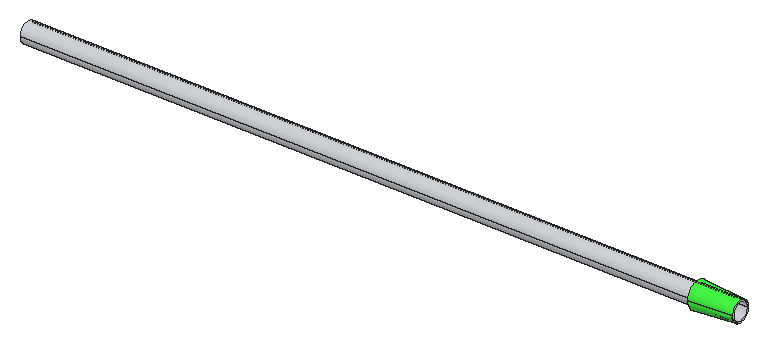
Revit family "Труба под путями_v1", category Устройства связи, Revit 2021
Family settings
  Сохранять ориентацию аннотаций = Нет
  Размер круглого соединителя = Использовать диаметр
  Тип детали = Нормальный
  При загрузке вырезать с полостями = Нет
  Общий = Нет
  Точка принадлежности помещению = Нет
Parameters
  Угол_вертикальный [instance] = atan((Высота_начала_итог - Высота_конца_итог) / (Длина_общая_проекция))  # 0.00°
  Требуется_настройка [instance] = yes
  Смещение_от_цетра [instance] = 0 mm
  Длина_отрезка_семейства [instance] = (Длина_общая_проекция) / cos(Угол_вертикальный)  # 8000 mm
  Длина_общая_проекция [instance] = 8000 mm
  Видимость_направления [instance] = yes
  05_Количество_кабелей [instance] = 0
  6_Низ_ширина_траншеи [instance] = 400 mm
  Доп_смещение_начало [instance] = 0 mm
  Доп_смещение_конец [instance] = 0 mm
  Длина_трубы [instance] = 4000 mm
  built-in parameter 1001306 [instance] = Длина_общая_проекция  # 8000 mm
  Default Elevation = 0 mm
  7_Высота_стенок_траншеи [instance] = 800 mm
  Высота_прокладки_модуль [instance] = if(Высота прокладки > 0 mm, Высота прокладки, -Высота прокладки)  # 600 mm
  Высота_начала_итог [instance] = [1_ВысотаОтЗемлиДоНачала] + [3_ВысотаОт0доЗемлиДляНачала] + Доп_смещение_начало  # 600 mm
  Высота_конца_итог [instance] = [2_ВысотаОтЗемлиДоКонца] + [4_ВысотаОт0доЗемлиДляКонца] + Доп_смещение_конец  # 600 mm
  Высота прокладки [instance] = Высота_начала_итог  # 600 mm
  5_Верх_ширина_траншеи [instance] = 600 mm
  N_Набора [instance] = 0
  N_Отрезка [instance] = 0
  4_ВысотаОт0доЗемлиДляКонца [instance] = 600 mm
  3_ВысотаОт0доЗемлиДляНачала [instance] = 600 mm
  2_ВысотаОтЗемлиДоКонца [instance] = 0 mm
  1_ВысотаОтЗемлиДоНачала [instance] = 0 mm
Reference planes
  plane 1 "Center (Front/Back)": y = 0
  plane 2: z = 0
  plane 3 "Left": x = 0
  plane 4 "Right": x = 8000
Lines and regions (mm)
  reference lines
    curve 1: line (0, 0, 0) -> (8000, 0, 0)
Dimensions and locks
  "built-in parameter 1001306": plane 3 "Left" to plane 4 "Right"
  aligned and locked: plane 4 "Right" to curve 1
  aligned and locked: plane 1 "Center (Front/Back)" to curve 1
  aligned and locked: plane 3 "Left" to curve 1
  aligned and locked: level to plane 2
Nested families
  nested 1: "Труба_влож1" at (0, 0, 600), Угол_вертикальный <- "Угол_вертикальный", Длина_трубы <- "Длина_трубы", Смещение_от_центра <- "Смещение_от_цетра", Длина_отрезка_семейства <- "Длина_отрезка_семейства", Видимость_наконечник <- "Видимость_направления", built-in parameter 1001364 <- "Высота прокладки", type "Труба_влож1"
    with Угол_вертикальный 0.00°, Толщина_стенки 10 mm, Смещение_от_центра 0 mm, Длина_трубы 4000 mm, Длина_отрезка_семейства 8000 mm, Диметр_внутренний 100 mm, Диаметр_внешний 110 mm, Видимость_наконечник yes
Definition of nested family "Труба_влож1"
  Parameters (values of type "Труба_влож1")
    Угол_вертикальный [instance] = 10.00°
    Толщина_стенки [instance] = 10 mm
    Смещение_от_центра [instance] = 0 mm
    Default Elevation = 1219.2 mm
    Длина_трубы [instance] = 1500 mm
    Длина_отрезка_семейства [instance] = 2600 mm
    Диметр_внутренний [instance] = 100 mm
    Диаметр_внешний [instance] = 110 mm
    Видимость_наконечник [instance] = yes
  Reference planes
    plane 1 "По центру (Вперед/Назад)": y = 0
    plane 2: z = 0
    plane 3 "По центру (Влево/Вправо)": x = 0
  Lines and regions (mm)
    reference lines
      curve 1: line (0, 0, 0) -> (0, 0, 215)
      curve 2: line (0, 0, 0) -> (49.49, 0, 280.67)
  Dimensions and locks
    "Угол_вертикальный": angle curve 2 to curve 1
    aligned and locked: level to plane 2
    aligned and locked: plane 2 to curve 2
    aligned and locked: plane 3 "По центру (Влево/Вправо)" to curve 1
  Nested families
    nested 1: "Труба_влож2" at (19.696, 0, -3.473) x (0, 1, 0) z (0.9848, 0, -0.1736), Диаметр_внешний <- "Диаметр_внешний", Диаметр_внутренний <- "Диметр_внутренний", Длина_трубы <- "Длина_трубы", Длина_отрезка_семейства <- "Длина_отрезка_семейства", Смещение_от_центра <- "Смещение_от_центра", Видимость_наконечник <- "Видимость_наконечник", type "Траншея_влож2"
      with Толщина_стенки 10 mm, Смещение_от_центра 0 mm, Смещение_от_начала 1300 mm, Расстояние_до_направления 55 mm, Длина_трубы 1500 mm, Длина_отрезка_семейства 2600 mm, Длина_направления 240 mm, Диаметр_внутренний 100 mm, Диаметр_внешний 110 mm, Видимость_наконечник yes
  Definition of nested family "Труба_влож2"
    Parameters (values of type "Траншея_влож2")
      Толщина_стенки [instance] = 10 mm
      Смещение_от_центра [instance] = 0 mm
      Смещение_от_начала [instance] = Длина_отрезка_семейства / 2 + Смещение_от_центра  # 1300.005 mm
      Расстояние_до_направления [instance] = Диаметр_внешний / 2  # 55 mm
      Default Elevation = 1219.2 mm
      Длина_трубы [instance] = 2600.01 mm
      Длина_отрезка_семейства [instance] = 2600.01 mm
      Длина_направления [instance] = 240 mm
      Диаметр_внутренний [instance] = 100 mm
      Диаметр_внешний [instance] = Диаметр_внутренний + Толщина_стенки  # 110 mm
      Видимость_наконечник [instance] = yes
    Reference planes
      plane 1 "По центру (Вперед/Назад)": y = 0
      plane 2: z = -20
      plane 3 "По центру (Влево/Вправо)": x = 0
      plane 4: z = 2580.01
      plane 5 "Основание направления": z = 2340.01
      plane 6: z = 2580.01
      plane 7: z = -20
      plane 8: z = 1280.005
      plane 9: z = 1280.005
    Forms (mm)
      Extrusion 1, solid
        sketch origin (0, 0, -20) x (1, 0, 0) y (0, 1, 0)
          loop
            circle (0, 0) r 50
          loop
            circle (0, 0) r 55
        from 0 to 2600.01
      Revolve 2, solid, visible <- "Видимость_наконечник"
        sketch origin (-20, 0, -1428.495) x (0, 0, 1) y (-1, 0, 0)
          loop
            line (4008.505, 35) -> (3768.505, 51.782) -> (3768.505, 35) -> (4008.505, 35)
          axis (4008.505, -20) -> (3768.505, -20)
        angle from 0 to 360
    Dimensions and locks
      plane 2 to plane 4 = 2600.01 mm
      "Длина_направления": plane 4 to plane 5 "Основание направления"
      "Расстояние_до_направления": plane 3 "По центру (Влево/Вправо)" to Revolve 2 sketch curve
      "Длина_отрезка_семейства": plane 6 to plane 2
      equal spacing: plane 6, plane 8, plane 2
      equal spacing: plane 4, plane 9, plane 7
      "Длина_трубы": plane 4 to plane 7
      "Смещение_от_начала": plane 9 to plane 2
      "Диаметр_внутренний": diameter of Extrusion 1 sketch curve
      "Диаметр_внешний": diameter of Extrusion 1 sketch curve
      aligned and locked: level to plane 2
      aligned and locked: plane 4 to Extrusion 1
      aligned and locked: Revolve 2 sketch curve to plane 3 "По центру (Влево/Вправо)"
      aligned and locked: plane 5 "Основание направления" to Revolve 2 sketch curve
      aligned and locked: Extrusion 1 to plane 7
    Automatic sketch dimensions
      Extrusion 1 sketch curve to Extrusion 1 sketch curve = 0 mm  (x2)
      plane 1 "По центру (Вперед/Назад)" to Extrusion 1 sketch curve = 0 mm
      Extrusion 1 sketch curve to plane 3 "По центру (Влево/Вправо)" = 0 mm
      Revolve 2 sketch curve to plane 5 "Основание направления" = 0 mm
      Revolve 2 sketch curve to plane 4 = 0 mm  (x2)
      Revolve 2 sketch curve to Revolve 2 sketch curve = 16.782 mm
